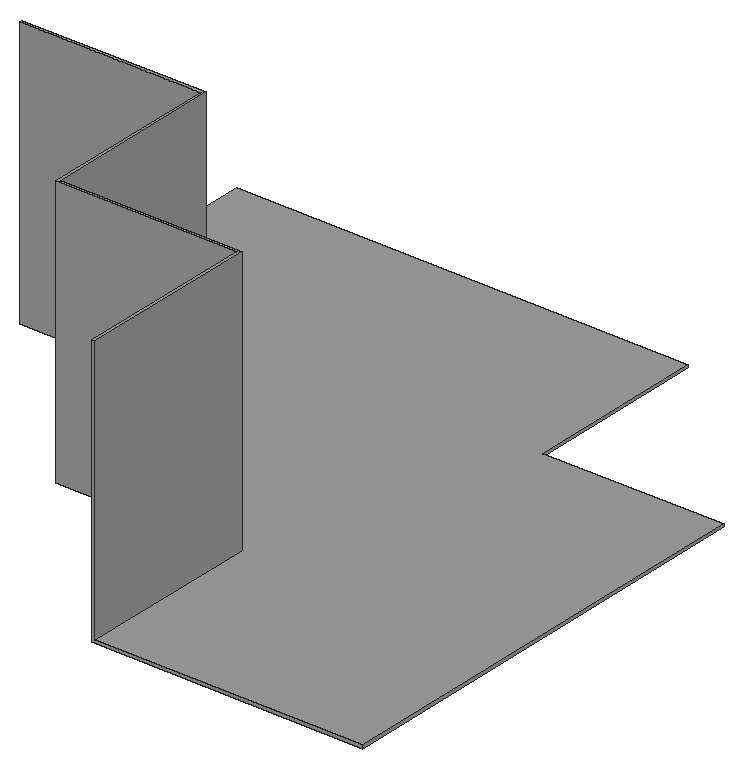
Revit family "Flashing_Preformed_Hyload_Type444", category Generic Models, Revit 2016
Family settings
  Part Type = Normal
  Can host rebar = No
  Round Connector Dimension = Use Diameter
  OmniClass Number = 23.20.30.24.11
  OmniClass Title = Embedded Flashing
  Work Plane-Based = No
  Always vertical = Yes
  Cut with Voids When Loaded = No
  Shared = No
  Room Calculation Point = No
Parameters (values of type "As Specified")
  Unit Width = 0' - 8"
  Unit Height = 0' - 6"
  Unit Depth = 0' - 4"
  URL = "http://www.hyload.com/"
  Thickness = 0' - 0 1/16"
  Specification = "http://www.arcat.com/sdspecs/htm04/07_65_00hyl.htm"
  Sales Information = "http://www.hyload.com/contact-us"
  Revision = "R1_12-2015"
  Product Properties = "http://www.hyload.com/masonry-flashing/preformed-shapes/"
  Product Data = "http://www.arcat.com/arcatcos/cos33/arc33176.html"
  Model = "Type 444"
  Manufacturer Website = "http://www.hyload.com/"
  Manufacturer Phone - Toll Free = "800-457-4056"
  Manufacturer Phone = "330-769-3546"
  Manufacturer Fax = "330-769-4153"
  Manufacturer Address = "5020 Panther Pkwy., Seville, OH 44273"
  Manufacturer = "Hyload"
  Keynote = "07 65 00"
  Flashing Material = Hyload Flashing Membrane - Grey
  Drawn By = "Robert S. Weygant / Sumex Design"
  Description = "Preformed Hyload Masonry Flashing - Type 444"
  Copyright = "(c) ARCAT, Inc, 2015"
  Construction Details = "http://www.arcat.com/details/hyload/hyload.html?coid=33176"
  Assembly Code = "B3010400"
Reference planes (in)
  plane 1 "Center (Front/Back)": y = 0
  plane 2: z = 0
  plane 3 "Center (Left/Right)": x = 0
  plane 4: y = 4
  plane 5: x = 4
  plane 6: z = 6
  plane 7: y = -4
  plane 8: x = -4
Forms (in)
  Sweep 1, solid, material "Hyload Flashing Membrane - Grey" <- "Flashing Material"
    path origin (0, 0, 0) x (1, 0, 0) y (0, 1, 0)
      loop
        line (0, -4) -> (0, 0) -> (-4, 0) -> (-4, 4) -> (-8, 4)
    profile origin (0, -2, 0) x (-1, 0, 0) y (0, 0, 1)
      loop
        line (0, 0) -> (0, 6) -> (-0.0625, 6) -> (-0.0625, 0.0625) -> (-6, 0.0625) -> (-6, 0) -> (0, 0)
Dimensions and locks (in)
  "Unit Depth": plane 1 "Center (Front/Back)" to plane 4
  "Unit Depth": plane 3 "Center (Left/Right)" to plane 5
  "Thickness": Sweep 1 sketch curve to plane 3 "Center (Left/Right)"
  "Thickness": Sweep 1 sketch curve to level
  "Unit Height": plane 6 to level
  "Unit Width": plane 8 to plane 5
  "Unit Width": plane 4 to plane 7
  aligned and locked: plane 2 to level
  aligned and locked: Sweep 1 sketch curve to plane 1 "Center (Front/Back)"
  aligned and locked: plane 3 "Center (Left/Right)" to Sweep 1 sketch curve
  aligned and locked: Sweep 1 sketch curve to level
  aligned and locked: plane 6 to Sweep 1 sketch curve
  aligned and locked: plane 7 to Sweep 1 sketch curve
  aligned and locked: plane 4 to Sweep 1 sketch curve
  aligned and locked: plane 8 to Sweep 1 sketch curve
Automatic sketch dimensions
  Sweep 1 sketch curve to profile plane = 0' - 0"
  Sweep 1 sketch curve to Sweep 1 sketch curve = 0' - 5 15/16"
  Sweep 1 sketch curve to Sweep 1 sketch curve = 0' - 4"
